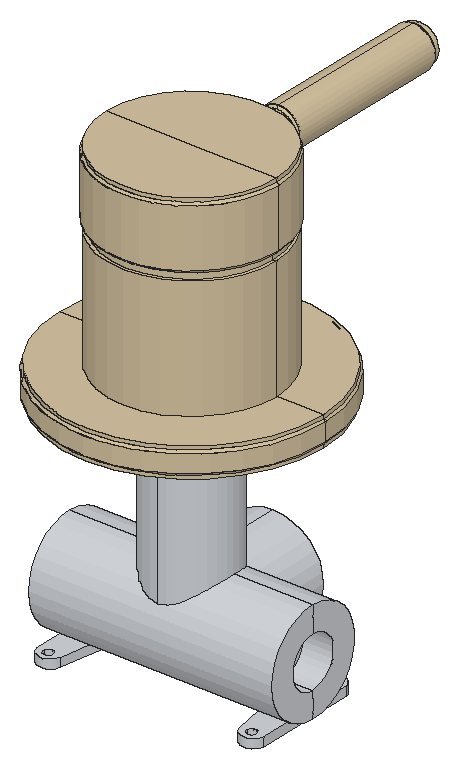
Revit family "Reece_Tap_Milli_Etch_Shower Mixer", category Plumbing Fixtures, host Face, Revit 2018
Family settings
  Host = Face
  Round Connector Dimension = Use Diameter
  Part Type = Normal
  Cut with Voids When Loaded = No
  Shared = Yes
  Room Calculation Point = Yes
Parameters (values of type "Brushed Gold")
  WFU = 0  # constant formula
  URL = "https://www.reece.com.au/product/-2269413"
  Type Comments = "Tap"
  Reece_Tap_Inlet = 12 mm  # constant formula
  Reece_Product_Web Page = "https://www.reece.com.au/product/-2269413"
  Reece_Product_Type = "Tap"
  Reece_Product_Sub Brand = "Etch"
  Reece_Product_Number = "2269413"
  Reece_Product_Mount = "Wall Mounted"
  Reece_Product_Description = "Milli Etch Shower Mixer Kit Brushed Gold Lead Free"
  Reece_Product_Brand = "Milli"
  Reece_Material_Secondary = Reece_PVD_Brushed Gold_Knurl Pattern
  Reece_Material_Main = Reece_PVD_Brushed Gold
  Reece_Detail_Installation = ""
  Reece_Detail_Disclaimer = "THIS FILE IS THE PROPERTY OF THE REECE GROUP. IT MAY NOT BE REPRODUCED, REVERSE-ENGINEERED, OR MODIFIED. ANY REPUBLICATION, TRANSMISSION, OR DISTRIBUTION FOR THE PURPOSE OF COMMERCIALLY EXPLOITING THE FILES IS PROHIBITED."  # constant formula
  Reece_Detail_Connector = ""
  Reece_Detail_Additional = "Shower Mixer"
  Model = "Etch"
  Manufacturer = "Milli"
  Keynote = "Product #2269413, Reece_Tap_Milli_Etch_Shower Mixer - Brushed Gold"
  HWFU = 0  # constant formula
  Disclaimer = "THIS FILE IS THE PROPERTY OF THE REECE GROUP. IT MAY NOT BE REPRODUCED, REVERSE-ENGINEERED, OR MODIFIED. ANY REPUBLICATION, TRANSMISSION, OR DISTRIBUTION FOR THE PURPOSE OF COMMERCIALLY EXPLOITING THE FILES IS PROHIBITED."  # constant formula
  Description = "Milli Etch Shower Mixer Kit Brushed Gold Lead Free"
  Default Elevation = 1000 mm
  CWFU = 0  # constant formula
Types (6, lengths in mm): name | URL | Reece_Product_Web Page | Reece_Product_Number | Reece_Product_Description | Reece_Material_Secondary | Reece_Material_Main | Keynote | Description
  Chrome | "https://www.reece.com.au/product/-2269410" | "https://www.reece.com.au/product/-2269410" | "2269410" | "Milli Etch Shower Mixer Kit Chrome Lead Free" | Reece_Brass_Chrome_Knurl Pattern | Reece_Brass_Chrome | "Product #2269410, Reece_Tap_Milli_Etch_Shower Mixer - Chrome" | "Milli Etch Shower Mixer Kit Chrome Lead Free"
  Matte Black | "https://www.reece.com.au/product/-2269411" | "https://www.reece.com.au/product/-2269411" | "2269411" | "Milli Etch Shower Mixer Kit Matte Black Lead Free" | Reece_Brass_Matte Black_Knurl Pattern | Reece_Brass_Matte Black | "Product #2269411, Reece_Tap_Milli_Etch_Shower Mixer - Matte Black" | "Milli Etch Shower Mixer Kit Matte Black Lead Free"
  Brushed Bronze | "https://www.reece.com.au/product/-2269415" | "https://www.reece.com.au/product/-2269415" | "2269415" | "Milli Etch Shower Mixer Kit Brushed Bronze Lead Free" | Reece_PVD_Brushed Bronze_Knurl Pattern | Reece_PVD_Brushed Bronze | "Product #2269415, Reece_Tap_Milli_Etch_Shower Mixer - Brushed Bronze" | "Milli Etch Shower Mixer Kit Brushed Bronze Lead Free"
  Brushed Nickel | "https://www.reece.com.au/product/-2269412" | "https://www.reece.com.au/product/-2269412" | "2269412" | "Milli Etch Shower Mixer Kit Brushed Nickel Lead Free" | Reece_Brass_Brushed Nickel_Knurl Pattern | Reece_Brass_Brushed Nickel | "Product #2269412, Reece_Tap_Milli_Etch_Shower Mixer - Brushed Nickel" | "Milli Etch Shower Mixer Kit Brushed Nickel Lead Free"
  Brushed Gold | "https://www.reece.com.au/product/-2269413" | "https://www.reece.com.au/product/-2269413" | "2269413" | "Milli Etch Shower Mixer Kit Brushed Gold Lead Free" | Reece_PVD_Brushed Gold_Knurl Pattern | Reece_PVD_Brushed Gold | "Product #2269413, Reece_Tap_Milli_Etch_Shower Mixer - Brushed Gold" | "Milli Etch Shower Mixer Kit Brushed Gold Lead Free"
  Brushed Gunmetal | "https://www.reece.com.au/product/-2269414" | "https://www.reece.com.au/product/-2269414" | "2269414" | "Milli Etch Shower Mixer Kit Brushed Gunmetal Lead Free" | Reece_Brass_Brushed Gunmetal_Knurl Pattern | Reece_Brass_Brushed Gunmetal | "Product #2269414, Reece_Tap_Milli_Etch_Shower Mixer - Brushed Gunmetal" | "Milli Etch Shower Mixer Kit Brushed Gunmetal Lead Free"
Reference planes
  plane 1 "Center (Front/Back)": y = 0
  plane 2 "Bottom": z = 0
  plane 3 "Center (Left/Right)": x = 0
  plane 4: z = 45
Forms (mm)
  Revolve 1, solid
    sketch origin (0, 0, 0) x (0, 1, 0) y (0, 0, 1)
      loop
        line (10, 0) -> (0, 0) -> (0, -46.145) -> (10, -46.145) -> (10, 0)
      axis (0, 0) -> (0, -46.145)
    angle from 0 to 360
  Revolve 2, void
    sketch origin (0, 0, 0) x (0, 1, 0) y (0, 0, 1)
      loop
        line (12, 0) -> (0, 0) -> (0, -95) -> (12, -95) -> (12, 0)
      axis (0, 0) -> (0, -95)
    angle from 0 to 360
  Revolve 3, solid
    sketch origin (0, 0, -13.899) x (1, 0, 0) y (0, 0, 1)
      loop
        line (-21.346, -26) -> (-21.346, -32) -> (21.346, -32) -> (21.346, -26) -> (28.553, -26) -> (28.553, -20) -> (-28.553, -20) -> (-28.553, -26) -> (-21.346, -26)
      axis (28.553, -32) -> (-28.553, -32)
    angle from 0 to 360
  Revolve 4, solid
    sketch origin (0, 0, 0) x (0, 1, 0) y (0, 0, 1)
      loop
        line (0, -46.145) -> (0, -57.899) -> (23.977, -57.899) -> (23.977, -52.145) -> (20.753, -52.145) -> (20.753, -46.145) -> (0, -46.145)
      axis (23.977, -46.145) -> (0, -46.145)
    angle from 0 to 360
  Extrusion 5, solid
    sketch origin (0, 0, 0) x (1, 0, 0) y (0, 1, 0)
      loop
        circle (23.871, 12.14) r 1.168
      loop
        arc (26.673, 12.14) -> (23.848, 14.511) -> (21.023, 12.14) r 2.869
        line (21.023, 12.14) -> (19.035, 0.868)
        arc (19.035, 0.868) -> (18.959, 0) -> (19.035, -0.868) r 5
        line (19.035, -0.868) -> (21.023, -12.14)
        arc (21.023, -12.14) -> (23.848, -14.511) -> (26.673, -12.14) r 2.869
        line (26.673, -12.14) -> (26.673, 12.14)
      loop
        circle (23.871, -12.14) r 1.168
      loop
        circle (-23.871, 12.14) r 1.168
      loop
        line (-26.673, 12.14) -> (-26.673, -12.14)
        arc (-26.673, -12.14) -> (-23.848, -14.511) -> (-21.023, -12.14) r 2.869
        line (-21.023, -12.14) -> (-19.035, -0.868)
        arc (-19.035, -0.868) -> (-18.959, 0) -> (-19.035, 0.868) r 5
        line (-19.035, 0.868) -> (-21.023, 12.14)
        arc (-21.023, 12.14) -> (-23.848, 14.511) -> (-26.673, 12.14) r 2.869
      loop
        circle (-23.871, -12.14) r 1.168
    from -59 to -57
  Revolve 6, solid, material "Reece_PVD_Brushed Gold" <- "Reece_Material_Main"
    sketch origin (-105, 0, 0) x (-1, 0, 0) y (0, 0, -1)
      loop
        line (-124.2, -35.5) -> (-124.2, -37.3) -> (-125, -37.3) -> (-125.5, -37.9) -> (-122.5, -37.9) -> (-122.5, -51.6) -> (-125.5, -51.6) -> (-125, -52.2) -> (-125, -53) -> (-105, -53) -> (-105, -7) -> (-125, -7) -> (-125, -35.5) -> (-124.2, -35.5)
      axis (-105, -7) -> (-105, -53)
    angle from 0 to 360
  Revolve 7, solid, material "Reece_PVD_Brushed Gold_Knurl Pattern" <- "Reece_Material_Secondary"
    sketch origin (-105, 0, 11) x (-1, 0, 0) y (0, 0, -1)
      loop
        line (-124.7, -40.6) -> (-124.7, -26.9) -> (-125.5, -26.9) -> (-125.5, -40.6) -> (-124.7, -40.6)
      axis (-105, -26.9) -> (-105, -40.6)
    angle from 0 to 360
  Revolve 8, solid, material "Reece_PVD_Brushed Gold_Knurl Pattern" <- "Reece_Material_Secondary"
    sketch origin (150.716, 0, 0) x (1, 0, 0) y (0, 0, 1)
      loop
        line (-150.716, 5.6) -> (-182.216, 5.6) -> (-182.216, 1.4) -> (-150.716, 1.4) -> (-150.716, 5.6)
      axis (-150.716, 5.6) -> (-150.716, 1.4)
    angle from 0 to 360
  Revolve 9, solid, material "Reece_PVD_Brushed Gold" <- "Reece_Material_Main"
    sketch origin (255.716, 0, 0) x (1, 0, 0) y (0, 0, 1)
      loop
        line (-286.716, 0) -> (-255.716, 0) -> (-255.716, 1.4) -> (-287.216, 1.4) -> (-286.716, 0.8) -> (-286.716, 0)
      loop
        line (-286.716, 7) -> (-286.716, 6.2) -> (-287.216, 5.6) -> (-255.716, 5.6) -> (-255.716, 7) -> (-286.716, 7)
      axis (-255.716, 7) -> (-255.716, 0)
    angle from 0 to 360
  Revolve 10, solid, material "Reece_PVD_Brushed Gold" <- "Reece_Material_Main"
    sketch origin (0, 0, -108) x (0, -1, 0) y (0, 0, -1)
      loop
        line (-18.524, -153) -> (-18.524, -149.476) -> (-23.873, -149.476) -> (-23.873, -148.5) -> (-25.073, -148.5) -> (-25.673, -148) -> (-25.673, -153) -> (-18.524, -153)
      loop
        line (-65.173, -153) -> (-65.173, -148) -> (-65.773, -148.5) -> (-66.973, -148.5) -> (-66.973, -153) -> (-65.173, -153)
      axis (-18.524, -153) -> (-66.973, -153)
    angle from 0 to 360
  Revolve 11, solid, material "Reece_PVD_Brushed Gold_Knurl Pattern" <- "Reece_Material_Secondary"
    sketch origin (0, 0, -108) x (0, -1, 0) y (0, 0, -1)
      loop
        line (-65.173, -153) -> (-65.173, -158.027) -> (-25.673, -158.027) -> (-25.673, -153) -> (-65.173, -153)
      axis (-25.673, -153) -> (-65.173, -153)
    angle from 0 to 360
Cuts and joins
  joined: Revolve 1, Revolve 3, Revolve 4, Extrusion 5
Text (mm)
  text "Reece ©" at (-376.789, -229.394, 0), in view "Ref. Level"
  text "Reece ©" at (111.798, 227.518, 93.499), in view "Reece Preview"
Dimensions and locks
  aligned and locked: host face to plane 2 "Bottom"
  aligned and locked: level to host face
Connectors
  piping at (-21.346, 0, -45.899), diameter 12, driven by "Reece_Tap_Inlet"
    settings: on cut or joined group of Revolve 1, Revolve 3, Revolve 4, Extrusion 5, index 1, connector inside diameter 609.6 mm, connector length 0 mm, flow factor 0, pipe flow 0.0 L/s, pressure drop 0.0 Pa, fitting loss kfactor 0, connector angle 0.00°, fixture units 0, engagement length 0 mm, angle of deflection 0.00°, flow configuration 0, flow direction 1, fitting loss method 0, system type 29, joint type 0, gender type 0, connector reference index -1, connector utility 0, adjustable connector no, is connector primary yes, connector description ""
  piping at (21.346, 0, -45.899), diameter 12, driven by "Reece_Tap_Inlet"
    settings: on cut or joined group of Revolve 1, Revolve 3, Revolve 4, Extrusion 5, index 3, connector inside diameter 609.6 mm, connector length 0 mm, flow factor 0, pipe flow 0.0 L/s, pressure drop 0.0 Pa, fitting loss kfactor 0, connector angle 0.00°, fixture units 0, engagement length 0 mm, angle of deflection 0.00°, flow configuration 0, flow direction 1, fitting loss method 0, system type 29, joint type 0, gender type 0, connector reference index -1, connector utility 0, adjustable connector no, is connector primary no, connector description ""
  piping at (0, 20.753, -46.145), diameter 12, driven by "Reece_Tap_Inlet"
    settings: on cut or joined group of Revolve 1, Revolve 3, Revolve 4, Extrusion 5, index 4, connector inside diameter 609.6 mm, connector length 0 mm, flow factor 0, pipe flow 0.0 L/s, pressure drop 0.0 Pa, fitting loss kfactor 0, connector angle 0.00°, fixture units 0, engagement length 0 mm, angle of deflection 0.00°, flow configuration 0, flow direction 2, fitting loss method 0, system type 29, joint type 0, gender type 0, connector reference index -1, connector utility 0, adjustable connector no, is connector primary no, connector description ""
